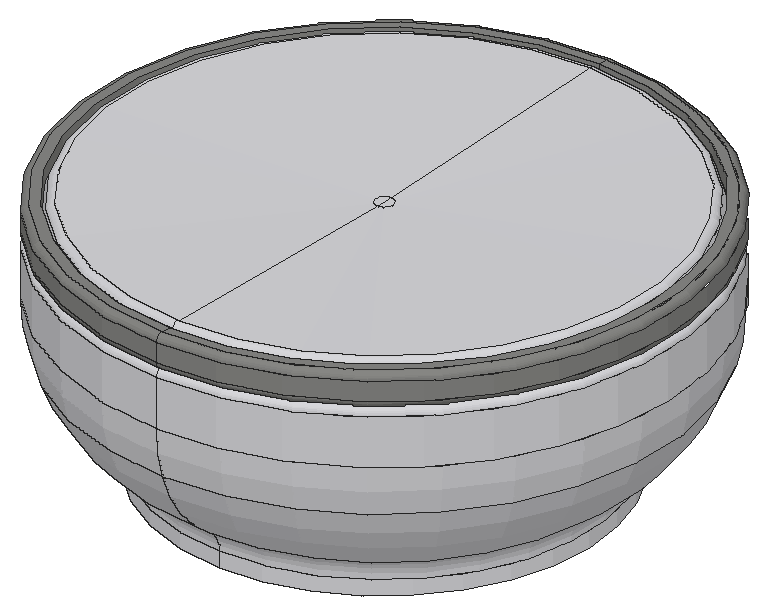
Revit family "Shower-Button_Interface-KOHLER-K-28213", category Specialty Equipment, host Face, Revit 2017
Family settings
  Host = Face
  Round Connector Dimension = Use Diameter
  Part Type = Normal
  OmniClass Number = 23.31.25.00
  OmniClass Title = Toilet and Bath Specialties
  Cut with Voids When Loaded = No
  Shared = No
  Room Calculation Point = No
Parameters (values of type "CP-Polished Chrome")
  Width = 2 1/4"  # constant formula
  WaterSense Certified = 1 = 0  # no
  URL = "https://www.us.kohler.com/us/"
  Type = 1
  Product Page URL = "http://www.us.kohler.com/us/catalog/productDetails.jsp?productId=28213"
  Product Name = ""
  Product Documentation Link = "https://www.us.kohler.com/webassets/kpna/catalog/pdf/en/K-28213_spec.pdf"
  Model = if(Type = 1, "K-28213-CP", if(Type = 2, "K-28213-BN", if(Type = 3, "K-28213-BL", if(Type = 4, "K-28213-SN", if(Type = 5, "K-28213-2MB", "NA")))))  # "K-28213-CP"
  Material = "Plastic"  # constant formula
  Master Format 2014 Name = "Toilet, Bath, and Laundry Accessories"  # constant formula
  Master Format 2014 = "10 28 00"  # constant formula
  Manufacturer Address = "444 Highland Dr, Kohler, WI 53044"  # constant formula
  Manufacturer = "KOHLER Co."  # constant formula
  Length = 1"  # constant formula
  Height = 2 1/4"  # constant formula
  Finish = Kohler-Plastic-CP-Polished_Chrome
  Environmental Product Declaration = ""
  Description = "REMOTE ON/OFF INTERFACE"  # constant formula
  Default Elevation = 42"
  Declare Label = ""
  Date Modified = "02/25/2021"  # constant formula
  Date Created = "02/25/2021"  # constant formula
  Copyright = "Copyright KOHLER Co."  # constant formula
  Contact Us = "https://www.us.kohler.com/us/static/contact.jsp"
  Assembly Code = "C1030200"
  ADA Compliant = 1 = 0  # no
Types (6): name | Type | Model | Finish
  (no name) | 1 | "K-28213-CP" | Kohler-Plastic-CP-Polished_Chrome
  CP-Polished Chrome | 1 | "K-28213-CP" | Kohler-Plastic-CP-Polished_Chrome
  BN-Vibrant Brushed Nickel | 2 | "K-28213-BN" | KOHLER-Plastic-BN-Vibrant_Brushed_Nickel
  BL-Matte Black | 3 | "K-28213-BL" | Kohler-Plactic-BL-Matte_Black
  SN-Vibrant Polished Nickel | 4 | "K-28213-SN" | KOHLER-Plasticl-SN-Vibrant_Polished_Nickel
  2MB-Vibrant Brushed Moderne Brass | 5 | "K-28213-2MB" | Kohler-Plastic-2MB-Vibrant_Brushed_Moderne_Brass
Reference planes (in)
  plane 1 "Center (Front/Back)": y = 0
  plane 2: z = 0
  plane 3 "Center (Left/Right)": x = 0
  plane 4: x = -1.125
  plane 5: x = -0.8125
  plane 6: x = 1.125
  plane 7: x = 0.8125
  plane 8: y = 1.125
  plane 9: y = 0.8125
  plane 10: y = -1.125
  plane 11: y = -0.8125
  plane 12: z = 1
  plane 13: z = 0.875
  plane 14: z = 0.04031
Dimensions and locks (in)
  "Width": plane 4 to plane 6
  "Height": plane 8 to plane 10
  "Length": plane 12 to level
  plane 9 to plane 11 = 1 5/8"
  plane 13 to plane 12 = 1/8"
  aligned and locked: plane 2 to host face
  aligned and locked: level to host face
Automatic sketch dimensions
  host sketch curve to host sketch curve = 96"  (x2)
Nested families (in)
  nested 1: "K-28213" at (0, 0, 0), type "K-28213"
Definition of nested family "K-28213"
  Parameters (values of type "K-28213")
    Material = none
  Reference planes (in)
    plane 1 "Center (Front/Back)": y = 0
    plane 2: z = 0
    plane 3 "Center (Left/Right)": x = 0
    plane 4: x = -0.8125
    plane 5: x = -1.125
    plane 6: x = 0.8125
    plane 7: x = 1.125
    plane 8: y = 0.8125
    plane 9: y = 1.125
    plane 10: y = -0.8125
    plane 11: y = -1.125
    plane 12: z = 1
    plane 13: z = 0.875
    plane 14: z = 0.04031
  Forms (in)
    Revolve 1, solid, material <- "Material", detail levels medium+fine
      sketch origin (0, 0, 0) x (0, 1, 0) y (0, 0, 1)
        loop
          line (0, 0.97774) -> (0, 0) -> (0.7403, 0) -> (0.7403, 0.04031) -> (0.8125, 0.04031) -> (0.8125, 0.09781)
          arc (0.8125, 0.09781) -> (0.82537, 0.14784) -> (0.86078, 0.18545) r 0.10369
          arc (0.86078, 0.18545) -> (1.00471, 0.31594) -> (1.09598, 0.48745) r 0.56544
          arc (1.09598, 0.48745) -> (1.1177, 0.57724) -> (1.125, 0.66934) r 0.58459
          line (1.125, 0.66934) -> (1.125, 0.84796)
          arc (1.125, 0.84796) -> (1.11701, 0.86715) -> (1.09777, 0.875) r 0.02704
          arc (1.09777, 0.875) -> (1.11704, 0.8831) -> (1.125, 0.90242) r 0.02742
          line (1.125, 0.90242) -> (1.125, 0.9736)
          arc (1.125, 0.9736) -> (1.11727, 0.99227) -> (1.0986, 1) r 0.0264
          line (1.0986, 1) -> (1.06178, 1) -> (1.06178, 0.94458) -> (1.04582, 0.98616)
          arc (1.04582, 0.98616) -> (1.03452, 1.00008) -> (1.0172, 1.00469) r 0.02896
          arc (1.0172, 1.00469) -> (0.52581, 0.98448) -> (0.03405, 0.97774) r 17.94697
          line (0.03405, 0.97774) -> (0, 0.97774)
        axis (0, 1.00469) -> (0, 0)
      angle from 0 to 360
    Revolve 2, solid, material <- "Material", detail levels coarse
      sketch origin (0, 0, 0) x (0, 1, 0) y (0, 0, 1)
        loop
          line (0, 1) -> (0, 0) -> (0.8125, 0) -> (0.8125, 0.18545) -> (0.93417, 0.18545)
          arc (0.93417, 0.18545) -> (1.06911, 0.24134) -> (1.125, 0.37628) r 0.19083
          line (1.125, 0.37628) -> (1.125, 0.84796)
          arc (1.125, 0.84796) -> (1.11701, 0.86715) -> (1.09777, 0.875) r 0.02704
          arc (1.09777, 0.875) -> (1.11704, 0.8831) -> (1.125, 0.90242) r 0.02742
          line (1.125, 0.90242) -> (1.125, 1) -> (1.06178, 1) -> (1.06178, 0.93872) -> (1.0139, 1) -> (0, 1)
        axis (0, 1) -> (0, 0)
      angle from 0 to 360
  Lines and regions (in)
    Masking region 1
      outline origin (0, 0, 0) x (0, 1, 0) y (0, 0, 1)
        loop
          line (0.7403, 0.04031) -> (0.8125, 0.04031) -> (0.8125, 0.09781)
          arc (0.8125, 0.09781) -> (0.82537, 0.14784) -> (0.86078, 0.18545) r 0.10369
          arc (0.86078, 0.18545) -> (1.00471, 0.31594) -> (1.09598, 0.48745) r 0.56544
          arc (1.09598, 0.48745) -> (1.1177, 0.57724) -> (1.125, 0.66934) r 0.58459
          line (1.125, 0.66934) -> (1.125, 0.84796)
          arc (1.125, 0.84796) -> (1.11701, 0.86715) -> (1.09777, 0.875) r 0.02704
          arc (1.09777, 0.875) -> (1.11704, 0.8831) -> (1.125, 0.90242) r 0.02742
          line (1.125, 0.90242) -> (1.125, 0.9736)
          arc (1.125, 0.9736) -> (1.11727, 0.99227) -> (1.0986, 1) r 0.0264
          line (1.0986, 1) -> (1.04273, 1)
          arc (1.04273, 1) -> (1.02684, 1.0035) -> (1.01061, 1.00467) r 0.11278
          line (1.01061, 1.00467) -> (-1.01061, 1.00467)
          arc (-1.01061, 1.00467) -> (-1.02684, 1.0035) -> (-1.04273, 1) r 0.11278
          line (-1.04273, 1) -> (-1.0986, 1)
          arc (-1.0986, 1) -> (-1.11727, 0.99227) -> (-1.125, 0.9736) r 0.0264
          line (-1.125, 0.9736) -> (-1.125, 0.90242)
          arc (-1.125, 0.90242) -> (-1.11704, 0.8831) -> (-1.09777, 0.875) r 0.02742
          arc (-1.09777, 0.875) -> (-1.11701, 0.86715) -> (-1.125, 0.84796) r 0.02704
          line (-1.125, 0.84796) -> (-1.125, 0.66934)
          arc (-1.125, 0.66934) -> (-1.1177, 0.57724) -> (-1.09598, 0.48745) r 0.58459
          arc (-1.09598, 0.48745) -> (-1.00471, 0.31594) -> (-0.86078, 0.18545) r 0.56544
          arc (-0.86078, 0.18545) -> (-0.82537, 0.14784) -> (-0.8125, 0.09781) r 0.10369
          line (-0.8125, 0.09781) -> (-0.8125, 0.04031) -> (-0.7403, 0.04031) -> (-0.7403, 0) -> (0.7403, 0) -> (0.7403, 0.04031)
    Masking region 2
      outline origin (0, 0, 0) x (1, 0, 0) y (0, 0, 1)
        loop
          line (0.7403, 0.04031) -> (0.8125, 0.04031) -> (0.8125, 0.09781)
          arc (0.8125, 0.09781) -> (0.82537, 0.14784) -> (0.86078, 0.18545) r 0.10369
          arc (0.86078, 0.18545) -> (1.00471, 0.31594) -> (1.09598, 0.48745) r 0.56544
          arc (1.09598, 0.48745) -> (1.1177, 0.57724) -> (1.125, 0.66934) r 0.58459
          line (1.125, 0.66934) -> (1.125, 0.84796)
          arc (1.125, 0.84796) -> (1.11701, 0.86715) -> (1.09777, 0.875) r 0.02704
          arc (1.09777, 0.875) -> (1.11704, 0.8831) -> (1.125, 0.90242) r 0.02742
          line (1.125, 0.90242) -> (1.125, 0.9736)
          arc (1.125, 0.9736) -> (1.11727, 0.99227) -> (1.0986, 1) r 0.0264
          line (1.0986, 1) -> (1.04273, 1)
          arc (1.04273, 1) -> (1.02684, 1.0035) -> (1.01061, 1.00467) r 0.11278
          line (1.01061, 1.00467) -> (-1.01061, 1.00467)
          arc (-1.01061, 1.00467) -> (-1.02684, 1.0035) -> (-1.04273, 1) r 0.11278
          line (-1.04273, 1) -> (-1.0986, 1)
          arc (-1.0986, 1) -> (-1.11727, 0.99227) -> (-1.125, 0.9736) r 0.0264
          line (-1.125, 0.9736) -> (-1.125, 0.90242)
          arc (-1.125, 0.90242) -> (-1.11704, 0.8831) -> (-1.09777, 0.875) r 0.02742
          arc (-1.09777, 0.875) -> (-1.11701, 0.86715) -> (-1.125, 0.84796) r 0.02704
          line (-1.125, 0.84796) -> (-1.125, 0.66934)
          arc (-1.125, 0.66934) -> (-1.1177, 0.57724) -> (-1.09598, 0.48745) r 0.58459
          arc (-1.09598, 0.48745) -> (-1.00471, 0.31594) -> (-0.86078, 0.18545) r 0.56544
          arc (-0.86078, 0.18545) -> (-0.82537, 0.14784) -> (-0.8125, 0.09781) r 0.10369
          line (-0.8125, 0.09781) -> (-0.8125, 0.04031) -> (-0.7403, 0.04031) -> (-0.7403, 0) -> (0.7403, 0) -> (0.7403, 0.04031)
    Masking region 3
      outline origin (0, 0, 0) x (1, 0, 0) y (0, 1, 0)
        loop
          arc (0, 1.125) -> (-0.7955, 0.7955) -> (-1.125, 0) r 1.125
          arc (-1.125, 0) -> (-0.7955, -0.7955) -> (0, -1.125) r 1.125
          arc (0, -1.125) -> (0.7955, -0.7955) -> (1.125, 0) r 1.125
          arc (1.125, 0) -> (0.7955, 0.7955) -> (0, 1.125) r 1.125
    symbolic lines, detail levels medium+fine
      curve 1: line (0, 0.7403, 0.04031) -> (0, -0.7403, 0.04031)
      curve 2: line (0, 0.8125, 0.09781) -> (0, -0.8125, 0.09781)
      curve 3: line (0, 0.86078, 0.18545) -> (0, -0.86078, 0.18545)
      curve 4: line (0, 1.09777, 0.875) -> (0, -1.09777, 0.875)
      curve 5: line (0, 1.125, 0.9736) -> (0, -1.125, 0.9736)
      curve 6: line (0.7403, 0, 0.04031) -> (-0.7403, 0, 0.04031)
      curve 7: line (0.8125, 0, 0.09781) -> (-0.8125, 0, 0.09781)
      curve 8: line (-0.86078, 0, 0.18545) -> (0.86078, 0, 0.18545)
      curve 9: line (1.09777, 0, 0.875) -> (-1.09777, 0, 0.875)
      curve 10: line (-1.125, 0, 0.9736) -> (1.125, 0, 0.9736)
      curve 11: circle (0, 0, 0) r 1.03888 normal (0, 0, 1)
      curve 12: circle (0, 0, 0) r 1.06178 normal (0, 0, 1)
      curve 13: line (0, 1.04273, 1) -> (0, -1.04273, 1)
      curve 14: line (1.04273, 0, 1) -> (-1.04273, 0, 1)
  Dimensions and locks (in)
    plane 4 to plane 3 "Center (Left/Right)" = 13/16"
    plane 5 to plane 3 "Center (Left/Right)" = 1 1/8"
    plane 12 to level = 1"
    plane 12 to plane 13 = 1/8"
    aligned and locked: plane 2 to level
